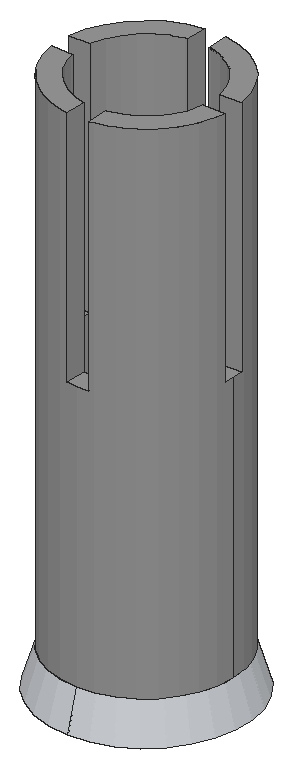
Revit family "Einschlaganker ES M  6x25", category Generic Models, Revit 2017
Family settings
  Can host rebar = No
  Round Connector Dimension = Use Diameter
  Part Type = Normal
  Work Plane-Based = No
  Always vertical = Yes
  Cut with Voids When Loaded = No
  Shared = No
  Room Calculation Point = No
Parameters (values of type "ES M 6x25")
  URL = "http://www.obo-bettermann.com"
  Material = Elektrogalvanised
  Manufacturer Art.No. = "3492018"
  Manufacturer = "OBO BETTERMANN"
  GTIN = "4012196709601"
  Article Type = "ES M 6x25"
Reference planes
  plane 1 "Center (Front/Back)": y = 0
  plane 2: z = 0
  plane 3 "Center (Left/Right)": x = 0
  plane 4: z = 25
  plane 5: z = 0
  plane 6: z = 1.73
  plane 7: y = 4.5
  plane 8: y = -4.5
Forms (mm)
  Extrusion 1, solid, material "Elektrogalvanised" <- "Material"
    sketch origin (0, 0, 0) x (1, 0, 0) y (0, 1, 0)
      loop
        circle (0, 0) r 3.964
      loop
        circle (0, 0) r 3
    from 1.73 to 25
  Extrusion 2, void
    sketch origin (0, 0, 0) x (0, 1, 0) y (0, 0, 1)
      loop
        line (-0.462, 25) -> (-0.462, 14) -> (0.519, 14) -> (0.519, 25) -> (-0.462, 25)
    from -4.146 to -2.703
  Extrusion 3, void
    sketch origin (0, 0, 0) x (0, 1, 0) y (0, 0, -1)
      loop
        line (-0.462, -25) -> (0.519, -25) -> (0.519, -14) -> (-0.462, -14) -> (-0.462, -25)
    from -4.146 to -2.703
  Extrusion 4, void
    sketch origin (0, 0, 0) x (1, 0, 0) y (0, 0, 1)
      loop
        line (0.5, 25) -> (-0.473, 25) -> (-0.473, 14) -> (0.5, 14) -> (0.5, 25)
    from -4.14 to -2.683
  Extrusion 5, void
    sketch origin (0, 0, 0) x (1, 0, 0) y (0, 0, -1)
      loop
        line (0.5, -25) -> (0.5, -14) -> (-0.473, -14) -> (-0.473, -25) -> (0.5, -25)
    from -4.14 to -2.683
  Revolve 6, solid
    sketch origin (0, 0, 0) x (0, 1, 0) y (0, 0, 1)
      loop
        line (3.964, 1.73) -> (3, 1.73) -> (3, 0) -> (4.5, 0) -> (3.964, 1.73)
      axis (0, 1.73) -> (0, 0)
    angle from 0 to 360
Cuts and joins
  Extrusion 2, Extrusion 3, Extrusion 4, Extrusion 5 cuts Extrusion 1
Dimensions and locks
  locked: plane 3 "Center (Left/Right)" to Extrusion 1 sketch curve  (x2)
  locked: plane 3 "Center (Left/Right)" to Extrusion 1 sketch curve at 3.964
  plane 3 "Center (Left/Right)" to Extrusion 1 sketch curve = 3 mm
  locked: plane 3 "Center (Left/Right)" to Extrusion 1 sketch curve at 3
  locked: Extrusion 2 sketch curve to plane 1 "Center (Front/Back)" at 0.462
  locked: Extrusion 4 sketch curve to Extrusion 4 sketch curve at 0.973
  Extrusion 4 sketch curve to plane 3 "Center (Left/Right)" = 0.5 mm
  locked: Extrusion 5 sketch curve to Extrusion 5 sketch curve at 0.973
  locked: plane 4 to plane 5 at 25
  locked: level to cut or joined group of Extrusion 1, Extrusion 2, Extrusion 3, Extrusion 4, Extrusion 5 at 1.73
  locked: Revolve 6 sketch curve to cut or joined group of Extrusion 1, Extrusion 2, Extrusion 3, Extrusion 4, Extrusion 5 at 1.73
  locked: Revolve 6 sketch curve to Revolve 6 sketch curve at 1.5
  locked: Revolve 6 sketch curve to Revolve 6 sketch curve at 0.964
  locked: cut or joined group of Extrusion 1, Extrusion 2, Extrusion 3, Extrusion 4, Extrusion 5 to cut or joined group of Extrusion 1, Extrusion 2, Extrusion 3, Extrusion 4, Extrusion 5 at 11
  locked: Revolve 6 to Revolve 6 at 1.73
  aligned and locked: level to plane 2
  aligned and locked: plane 4 to Extrusion 1
  aligned and locked: Extrusion 4 to Extrusion 5
  aligned and locked: Extrusion 1 to Extrusion 4
  aligned and locked: Extrusion 4 to Extrusion 3
  aligned and locked: Extrusion 3 to Extrusion 1
  aligned and locked: Extrusion 2 to Extrusion 3
  aligned and locked: Extrusion 1 to Extrusion 2
  aligned and locked: Extrusion 1 to plane 6
  aligned and locked: plane 1 "Center (Front/Back)" to Revolve 6 sketch curve
  aligned and locked: cut or joined group of Extrusion 1, Extrusion 2, Extrusion 3, Extrusion 4, Extrusion 5 to Revolve 6 sketch curve
